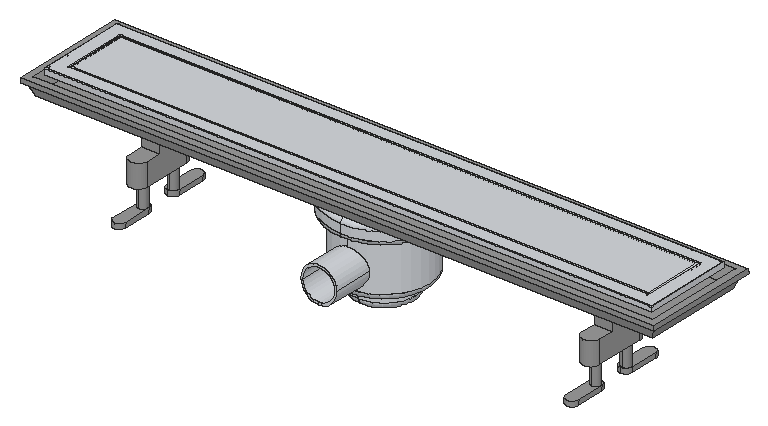
Revit family "S-771", category Aparatos sanitarios, Revit 2015
Parameters (values of type "70x650mm_Classic")
  WFU = 1
  URL = "http://www.jimten.com/es/producto/496/canaleta-linnum-salida-orientable-ancho-70-rejilla-classic"
  TipoRejilla = 10
  Sello hidráulico = "50 mm"  # constant formula
  Salida = "40M/50M"  # constant formula
  Rejilla = INOX AISI304
  Referencia = "13716"
  Modelo = "S-771"  # constant formula
  Medida = "650mm x 70mm"
  Material = ABS
  H_DiámetroExt = 40 mm
  Fabricante = "Jimten"  # constant formula
  Emin = 6 mm  # constant formula
  Emax = 16 mm  # constant formula
  E_Cálculo [instance] = if(E_AlturaRejilla < Emax, if(E_AlturaRejilla > Emin, E_AlturaRejilla, Emin), Emax)  # 8 mm
  E_AlturaRejilla [instance] = 8 mm
  DistPatas = 500 mm
  Descripción = "CANALETA PARA PLATOS DE DUCHA DE OBRA, SIFON ORIENTABLE, SALIDA HORIZONTAL ORIENTABLE, CON REJILLA CLASSIC, CON PIES DE REGULACION DE ALTURA"  # constant formula
  Comentarios de tipo = "CON PRENSATELAS PARA LÁMINAS IMPERMEABILIZANTES GEOTEXTILES O DE PVC. CON PROTECCION DE OBRA.  CON REJILLA REGULABLE EN ALTURA."  # constant formula
  Caudal = 0.8 L/s  # constant formula
  B_Rejilla = 670 mm
  Altura total mínima = "121-131 mm"  # constant formula
  A_Outlet = 700 mm
Types (6, lengths in mm): name | TipoRejilla | Referencia | Medida | DistPatas | B_Rejilla | A_Outlet
  70x650mm_Classic | 10 | "13716" | "650mm x 70mm" | 500 | 670 | 700
  70x750mm_Classic | 11 | "13717" | "750mm x 70mm" | 600 | 770 | 800
  70x850mm_Classic | 13 | "13718" | "850mm x 70mm" | 700 | 870 | 900
  70x950mm_Classic | 14 | "13719" | "950mm x 70mm" | 800 | 970 | 1000
  70x350mm_Classic | 5 | "13713" | "350mm x 70mm" | 300 | 370 | 400
  70x550mm_Classic | 8 | "13715" | "550mm x 70mm" | 400 | 570 | 600
Reference planes
  plane 1 "Center (Front/Back)": y = 0
  plane 2: z = 0
  plane 3 "Center (Left/Right)": x = 0
  plane 4: z = -8
  plane 5: x = -250
  plane 6: x = 250
Dimensions and locks
  "E_Cálculo": plane 2 to plane 4
  equal spacing: plane 5, plane 3 "Center (Left/Right)", plane 6
  "DistPatas": plane 5 to plane 6
  aligned and locked: level to plane 2
  aligned and locked: plane 4 to nested 1
  aligned and locked: nested 4 to nested 1
  aligned and locked: nested 3 to nested 1
  aligned and locked: nested 4 to plane 6
  aligned and locked: nested 3 to plane 5
Nested families
  nested 1: "S-771_Outlet" at (0, 0, -8), type "S-771_Outlet"
    with A 700 mm
  nested 2: "S-771_RejillaClassic" at (0, 0, 0), type "S-771_RejillaClassic"
  nested 3: "S-771_Patas" at (-240, -60.1, -124) x (0, 1, 0) z (0, 0, 1), type "S-771_Patas"
  nested 4: "S-771_Patas" at (260, -60.1, -124) x (0, 1, 0) z (0, 0, 1), type "S-771_Patas"
Connectors
  piping at (0, -90, -79), diameter 40, driven by "H_DiámetroExt", driven by "WFU", driven by "Caudal"
    settings: on nested 1, index 1, connector inside diameter 609.6 mm, connector length 0 mm, flow factor 0, pipe flow 0.8 L/s, pressure drop 0.0 Pa, fitting loss kfactor 0, connector angle 0.00°, fixture units 1, engagement length 0 mm, angle of deflection 0.00°, flow configuration 0, flow direction 2, fitting loss method 0, system type 16, joint type 0, gender type 0, connector reference index -1, connector utility 0, adjustable connector yes, is connector primary yes, connector description ""
Definition of nested family "S-771_Outlet"
  Parameters (values of type "S-771_Outlet")
    MaterialOutlet = none
    I = 25 mm
    H = 40 mm
    Hint = H - 5 mm  # 35 mm
    D = 116 mm
    G = 130 mm
    A = 1000 mm
  Reference planes
    plane 1 "Center (Front/Back)": y = 0
    plane 2: z = 0
    plane 3 "Center (Left/Right)": x = 0
    plane 4: x = -500
    plane 5: x = 500
    plane 6: y = 65
    plane 7: y = -65
    plane 8: z = -116
    plane 9: y = -90
    plane 10: z = -71
  Forms (mm)
    Sweep 1, solid, material <- "MaterialOutlet"
      path origin (0, 0, 0) x (1, 0, 0) y (0, 1, 0)
        loop
          line (-500, -65) -> (500, -65) -> (500, 65) -> (-500, 65) -> (-500, -65)
      profile origin (-500, 0, 0) x (-1, 0, 0) y (0, 0, 1)
        loop
          line (0, 0) -> (-7.504, 0) -> (-12.925, -14) -> (-17.925, -14) -> (-17.925, -19) -> (-9.5, -19) -> (-4.059, -4.951) -> (0, -4.951) -> (0, 0)
    Extrusion 2, solid, material <- "MaterialOutlet"
      sketch origin (0, 0, 0) x (1, 0, 0) y (0, 1, 0)
        loop
          line (-482.075, 47.075) -> (-482.075, -47.075) -> (482.075, -47.075) -> (482.075, 47.075) -> (-482.075, 47.075)
        loop
          circle (0, 0) r 25
      from -19 to -14
    Revolve 3, solid
      sketch origin (0, 0, 0) x (0, 1, 0) y (0, 0, 1)
        loop
          line (-45, -19) -> (-55, -19)
          arc (-55, -19) -> (-58.536, -20.464) -> (-60, -24) r 5
          line (-60, -24) -> (-60, -34)
          arc (-60, -34) -> (-58.536, -37.536) -> (-55, -39) r 5
          line (-55, -39) -> (-50, -39) -> (-50, -91.982)
          arc (-50, -91.982) -> (-47.944, -96.944) -> (-42.982, -99) r 7.018
          line (-42.982, -99) -> (-35, -99) -> (-35, -109)
          arc (-35, -109) -> (-32.95, -113.95) -> (-28, -116) r 7
          line (-28, -116) -> (0, -116) -> (0, -113) -> (-27, -113)
          arc (-27, -113) -> (-30.536, -111.536) -> (-32, -108) r 5
          line (-32, -108) -> (-32, -96) -> (-42.982, -96)
          arc (-42.982, -96) -> (-45.823, -94.823) -> (-47, -91.982) r 4.018
          line (-47, -91.982) -> (-47, -36) -> (-55, -36)
          arc (-55, -36) -> (-56.414, -35.414) -> (-57, -34) r 2
          line (-57, -34) -> (-57, -24)
          arc (-57, -24) -> (-56.414, -22.586) -> (-55, -22) r 2
          line (-55, -22) -> (-45, -22) -> (-45, -19)
        axis (0, -19) -> (0, -116)
      angle from 0 to 360
    Extrusion 4, solid
      sketch origin (-108.967, -65, 1200) x (-1, 0, 0) y (0, 0, 1)
        loop
          circle (-108.967, -1271) r 20
        loop
          circle (-108.967, -1271) r 17.5
      from -25 to 25.055
    Extrusion 5, void
      sketch origin (-108.967, -65, 1200) x (1, 0, 0) y (0, 0, 1)
        loop
          circle (108.967, -1271) r 17.5
      from -25.055 to -6.373
  Cuts and joins
    joined: Sweep 1, Extrusion 2
    Extrusion 5 cuts Revolve 3
    Extrusion 5 cuts Extrusion 4
    joined: Revolve 3, Extrusion 4
  Dimensions and locks
    equal spacing: plane 6, plane 1 "Center (Front/Back)", plane 7
    "G": plane 6 to plane 7
    equal spacing: plane 4, plane 3 "Center (Left/Right)", plane 5
    "A": plane 4 to plane 5
    "D": plane 2 to plane 8
    "I": plane 7 to plane 9
    plane 10 to plane 8 = 45 mm
    diameter of Extrusion 2 sketch curve = 50 mm
    "Hint": diameter of Extrusion 4 sketch curve
    "H": diameter of Extrusion 4 sketch curve
    aligned and locked: level to plane 2
    aligned and locked: plane 4 to Sweep 1 sketch curve
    aligned and locked: Sweep 1 sketch curve to plane 6
    aligned and locked: Sweep 1 sketch curve to plane 7
    aligned and locked: plane 5 to Sweep 1 sketch curve
    aligned and locked: Sweep 1 to Extrusion 2 sketch curve  (x3)
    aligned and locked: Extrusion 2 sketch curve to Sweep 1
    aligned and locked: Sweep 1 to Extrusion 2
    aligned and locked: Extrusion 4 to plane 9
    aligned and locked: Extrusion 5 sketch curve to Extrusion 4
  Automatic sketch dimensions
    Sweep 1 sketch curve to level = 0 mm
    Sweep 1 sketch curve to profile plane = 0 mm
    profile plane to Sweep 1 sketch curve = 4.059 mm
    profile plane to Sweep 1 sketch curve = 9.5 mm
    Sweep 1 sketch curve to Sweep 1 sketch curve = 3.425 mm
    Sweep 1 sketch curve to Sweep 1 sketch curve = 5 mm  (x2)
    Sweep 1 sketch curve to Sweep 1 sketch curve = 4.951 mm
    Sweep 1 sketch curve to Sweep 1 sketch curve = 3.444 mm
    plane 7 to Sweep 1 sketch curve = 0 mm
    Extrusion 2 sketch curve to plane 3 "Center (Left/Right)" = 0 mm
    plane 1 "Center (Front/Back)" to Extrusion 2 sketch curve = 0 mm
    Sweep 1 sketch curve to level = 14 mm
    Revolve 3 sketch curve to Revolve 3 sketch curve = 0 mm  (x8)
    Revolve 3 sketch curve to plane 8 = 0 mm
    Revolve 3 sketch curve to plane 1 "Center (Front/Back)" = 0 mm  (x2)
    plane 8 to Revolve 3 sketch curve = 8 mm
    plane 1 "Center (Front/Back)" to Revolve 3 sketch curve = 27 mm
    Revolve 3 sketch curve to Revolve 3 sketch curve = 1 mm
    Revolve 3 sketch curve to Revolve 3 sketch curve = 4 mm
    Revolve 3 sketch curve to Revolve 3 sketch curve = 3 mm  (x4)
    Revolve 3 sketch curve to Revolve 3 sketch curve = 7.982 mm
    plane 7 to Revolve 3 sketch curve = 20 mm
    Revolve 3 sketch curve to Revolve 3 sketch curve = 4.018 mm
    Revolve 3 sketch curve to Revolve 3 sketch curve = 8 mm
    Revolve 3 sketch curve to Revolve 3 sketch curve = 2 mm
    Revolve 3 sketch curve to Revolve 3 sketch curve = 10 mm  (x2)
    Revolve 3 sketch curve to Revolve 3 sketch curve = 9 mm
    Revolve 3 sketch curve to level = 29 mm
    Revolve 3 sketch curve to level = 39 mm
    Extrusion 4 sketch curve to Extrusion 4 sketch curve = 0 mm  (x2)
    Extrusion 4 sketch curve to plane 3 "Center (Left/Right)" = 0 mm
    Extrusion 4 sketch curve to plane 10 = 0 mm
Definition of nested family "S-771_RejillaClassic"
  Parameters (values of type "S-771_RejillaClassic")
    N_MatrizHuecos = 10
    Model = ""
    MaterialRejilla = none
    F_C = (F - C) / 2  # 14.5 mm
    F = 100 mm
    C = 71 mm
    B = 670 mm
  Reference planes
    plane 1 "Center (Front/Back)": y = 0
    plane 2: z = 0
    plane 3 "Center (Left/Right)": x = 0
    plane 4: y = -50
    plane 5: x = -335
    plane 6: x = 335
    plane 7: y = 50
    plane 8: y = 35.5
    plane 9: y = -35.5
    plane 10: x = -320.5
    plane 11: x = 320.5
    plane 12: z = -6
    plane 13 "LineModelRejillas": z = 0.2
    plane 14: x = -296.5
    plane 15: x = 296.5
  Forms (mm)
    Sweep 1, solid
      path origin (0, 0, 0) x (1, 0, 0) y (0, 1, 0)
        loop
          line (-320.5, -35.5) -> (320.5, -35.5) -> (320.5, 35.5) -> (-320.5, 35.5) -> (-320.5, -35.5)
      profile origin (-320.5, 0, 0) x (-1, 0, 0) y (0, 0, 1)
        loop
          line (-1, -5.025) -> (-1, -1)
          arc (-1, -1) -> (-1.293, -0.293) -> (-2, 0) r 1
          line (-2, 0) -> (-6.487, 0) -> (-6.487, -1) -> (-2, -1) -> (-2, -6) -> (1, -6) -> (1, -1) -> (13.535, -1) -> (13.535, -6) -> (14.5, -6) -> (14.5, -0.5)
          arc (14.5, -0.5) -> (14.354, -0.146) -> (14, 0) r 0.5
          line (14, 0) -> (0.5, 0)
          arc (0.5, 0) -> (0.146, -0.146) -> (0, -0.5) r 0.5
          line (0, -0.5) -> (0, -5.025) -> (-1, -5.025)
    Extrusion 2, solid
      sketch origin (0, 0, 0) x (1, 0, 0) y (0, 1, 0)
        loop
          line (-314.013, 29.013) -> (-314.013, -29.013) -> (314.013, -29.013) -> (314.013, 29.013) -> (-314.013, 29.013)
      from -1 to 0
  Cuts and joins
    joined: Sweep 1, Extrusion 2
  Lines and regions (mm)
    model lines, detail levels medium+fine
      curve 1: line (-288.5, 20, 0.2) -> (-288.5, 12, 0.2)
      curve 2: line (-288.5, 12, 0.2) -> (-296.5, 12, 0.2)
      curve 3: line (-296.5, 12, 0.2) -> (-296.5, 20, 0.2)
      curve 4: line (-296.5, 20, 0.2) -> (-288.5, 20, 0.2)
      curve 5: line (-272.5, 20, 0.2) -> (-272.5, 12, 0.2)
      curve 6: line (-272.5, 12, 0.2) -> (-280.5, 12, 0.2)
      curve 7: line (-280.5, 12, 0.2) -> (-280.5, 20, 0.2)
      curve 8: line (-280.5, 20, 0.2) -> (-272.5, 20, 0.2)
      curve 9: line (-256.5, 20, 0.2) -> (-256.5, 12, 0.2)
      curve 10: line (-256.5, 12, 0.2) -> (-264.5, 12, 0.2)
      curve 11: line (-264.5, 12, 0.2) -> (-264.5, 20, 0.2)
      curve 12: line (-264.5, 20, 0.2) -> (-256.5, 20, 0.2)
      curve 13: line (-288.5, -4, 0.2) -> (-288.5, 4, 0.2)
      curve 14: line (-288.5, 4, 0.2) -> (-296.5, 4, 0.2)
      curve 15: line (-296.5, 4, 0.2) -> (-296.5, -4, 0.2)
      curve 16: line (-296.5, -4, 0.2) -> (-288.5, -4, 0.2)
      curve 17: line (-272.5, -4, 0.2) -> (-272.5, 4, 0.2)
      curve 18: line (-272.5, 4, 0.2) -> (-280.5, 4, 0.2)
      curve 19: line (-280.5, 4, 0.2) -> (-280.5, -4, 0.2)
      curve 20: line (-280.5, -4, 0.2) -> (-272.5, -4, 0.2)
      curve 21: line (-256.5, -4, 0.2) -> (-256.5, 4, 0.2)
      curve 22: line (-256.5, 4, 0.2) -> (-264.5, 4, 0.2)
      curve 23: line (-264.5, 4, 0.2) -> (-264.5, -4, 0.2)
      curve 24: line (-264.5, -4, 0.2) -> (-256.5, -4, 0.2)
      curve 25: line (264.5, 20, 0.2) -> (264.5, 12, 0.2)
      curve 26: line (264.5, 12, 0.2) -> (256.5, 12, 0.2)
      curve 27: line (256.5, 12, 0.2) -> (256.5, 20, 0.2)
      curve 28: line (256.5, 20, 0.2) -> (264.5, 20, 0.2)
      curve 29: line (280.5, 20, 0.2) -> (280.5, 12, 0.2)
      curve 30: line (280.5, 12, 0.2) -> (272.5, 12, 0.2)
      curve 31: line (272.5, 12, 0.2) -> (272.5, 20, 0.2)
      curve 32: line (272.5, 20, 0.2) -> (280.5, 20, 0.2)
      curve 33: line (296.5, 20, 0.2) -> (296.5, 12, 0.2)
      curve 34: line (296.5, 12, 0.2) -> (288.5, 12, 0.2)
      curve 35: line (288.5, 12, 0.2) -> (288.5, 20, 0.2)
      curve 36: line (288.5, 20, 0.2) -> (296.5, 20, 0.2)
      curve 37: line (264.5, -4, 0.2) -> (264.5, 4, 0.2)
      curve 38: line (264.5, 4, 0.2) -> (256.5, 4, 0.2)
      curve 39: line (256.5, 4, 0.2) -> (256.5, -4, 0.2)
      curve 40: line (256.5, -4, 0.2) -> (264.5, -4, 0.2)
      curve 41: line (280.5, -4, 0.2) -> (280.5, 4, 0.2)
      curve 42: line (280.5, 4, 0.2) -> (272.5, 4, 0.2)
      curve 43: line (272.5, 4, 0.2) -> (272.5, -4, 0.2)
      curve 44: line (272.5, -4, 0.2) -> (280.5, -4, 0.2)
      curve 45: line (296.5, -4, 0.2) -> (296.5, 4, 0.2)
      curve 46: line (296.5, 4, 0.2) -> (288.5, 4, 0.2)
      curve 47: line (288.5, 4, 0.2) -> (288.5, -4, 0.2)
      curve 48: line (288.5, -4, 0.2) -> (296.5, -4, 0.2)
      curve 49: line (-227.056, 20, 0.2) -> (-227.056, 12, 0.2)
      curve 50: line (-227.056, 12, 0.2) -> (-235.056, 12, 0.2)
      curve 51: line (-235.056, 12, 0.2) -> (-235.056, 20, 0.2)
      curve 52: line (-235.056, 20, 0.2) -> (-227.056, 20, 0.2)
      curve 53: line (-211.056, 20, 0.2) -> (-211.056, 12, 0.2)
      curve 54: line (-211.056, 12, 0.2) -> (-219.056, 12, 0.2)
      curve 55: line (-219.056, 12, 0.2) -> (-219.056, 20, 0.2)
      curve 56: line (-219.056, 20, 0.2) -> (-211.056, 20, 0.2)
      curve 57: line (-195.056, 20, 0.2) -> (-195.056, 12, 0.2)
      curve 58: line (-195.056, 12, 0.2) -> (-203.056, 12, 0.2)
      curve 59: line (-203.056, 12, 0.2) -> (-203.056, 20, 0.2)
      curve 60: line (-203.056, 20, 0.2) -> (-195.056, 20, 0.2)
      curve 61: line (-227.056, -4, 0.2) -> (-227.056, 4, 0.2)
      curve 62: line (-227.056, 4, 0.2) -> (-235.056, 4, 0.2)
      curve 63: line (-235.056, 4, 0.2) -> (-235.056, -4, 0.2)
      curve 64: line (-235.056, -4, 0.2) -> (-227.056, -4, 0.2)
      curve 65: line (-211.056, -4, 0.2) -> (-211.056, 4, 0.2)
      curve 66: line (-211.056, 4, 0.2) -> (-219.056, 4, 0.2)
      curve 67: line (-219.056, 4, 0.2) -> (-219.056, -4, 0.2)
      curve 68: line (-219.056, -4, 0.2) -> (-211.056, -4, 0.2)
      curve 69: line (-195.056, -4, 0.2) -> (-195.056, 4, 0.2)
      curve 70: line (-195.056, 4, 0.2) -> (-203.056, 4, 0.2)
      curve 71: line (-203.056, 4, 0.2) -> (-203.056, -4, 0.2)
      curve 72: line (-203.056, -4, 0.2) -> (-195.056, -4, 0.2)
      curve 73: line (-165.611, 20, 0.2) -> (-165.611, 12, 0.2)
      curve 74: line (-165.611, 12, 0.2) -> (-173.611, 12, 0.2)
      curve 75: line (-173.611, 12, 0.2) -> (-173.611, 20, 0.2)
      curve 76: line (-173.611, 20, 0.2) -> (-165.611, 20, 0.2)
      curve 77: line (-149.611, 20, 0.2) -> (-149.611, 12, 0.2)
      curve 78: line (-149.611, 12, 0.2) -> (-157.611, 12, 0.2)
      curve 79: line (-157.611, 12, 0.2) -> (-157.611, 20, 0.2)
      curve 80: line (-157.611, 20, 0.2) -> (-149.611, 20, 0.2)
      curve 81: line (-133.611, 20, 0.2) -> (-133.611, 12, 0.2)
      curve 82: line (-133.611, 12, 0.2) -> (-141.611, 12, 0.2)
      curve 83: line (-141.611, 12, 0.2) -> (-141.611, 20, 0.2)
      curve 84: line (-141.611, 20, 0.2) -> (-133.611, 20, 0.2)
      curve 85: line (-165.611, -4, 0.2) -> (-165.611, 4, 0.2)
      curve 86: line (-165.611, 4, 0.2) -> (-173.611, 4, 0.2)
      curve 87: line (-173.611, 4, 0.2) -> (-173.611, -4, 0.2)
      curve 88: line (-173.611, -4, 0.2) -> (-165.611, -4, 0.2)
      curve 89: line (-149.611, -4, 0.2) -> (-149.611, 4, 0.2)
      curve 90: line (-149.611, 4, 0.2) -> (-157.611, 4, 0.2)
      curve 91: line (-157.611, 4, 0.2) -> (-157.611, -4, 0.2)
      curve 92: line (-157.611, -4, 0.2) -> (-149.611, -4, 0.2)
      curve 93: line (-133.611, -4, 0.2) -> (-133.611, 4, 0.2)
      curve 94: line (-133.611, 4, 0.2) -> (-141.611, 4, 0.2)
      curve 95: line (-141.611, 4, 0.2) -> (-141.611, -4, 0.2)
      curve 96: line (-141.611, -4, 0.2) -> (-133.611, -4, 0.2)
      curve 97: line (-104.167, 20, 0.2) -> (-104.167, 12, 0.2)
      curve 98: line (-104.167, 12, 0.2) -> (-112.167, 12, 0.2)
      curve 99: line (-112.167, 12, 0.2) -> (-112.167, 20, 0.2)
      curve 100: line (-112.167, 20, 0.2) -> (-104.167, 20, 0.2)
      curve 101: line (-88.167, 20, 0.2) -> (-88.167, 12, 0.2)
      curve 102: line (-88.167, 12, 0.2) -> (-96.167, 12, 0.2)
      curve 103: line (-96.167, 12, 0.2) -> (-96.167, 20, 0.2)
      curve 104: line (-96.167, 20, 0.2) -> (-88.167, 20, 0.2)
      curve 105: line (-72.167, 20, 0.2) -> (-72.167, 12, 0.2)
      curve 106: line (-72.167, 12, 0.2) -> (-80.167, 12, 0.2)
      curve 107: line (-80.167, 12, 0.2) -> (-80.167, 20, 0.2)
      curve 108: line (-80.167, 20, 0.2) -> (-72.167, 20, 0.2)
      curve 109: line (-104.167, -4, 0.2) -> (-104.167, 4, 0.2)
      curve 110: line (-104.167, 4, 0.2) -> (-112.167, 4, 0.2)
      curve 111: line (-112.167, 4, 0.2) -> (-112.167, -4, 0.2)
      curve 112: line (-112.167, -4, 0.2) -> (-104.167, -4, 0.2)
      curve 113: line (-88.167, -4, 0.2) -> (-88.167, 4, 0.2)
      curve 114: line (-88.167, 4, 0.2) -> (-96.167, 4, 0.2)
      curve 115: line (-96.167, 4, 0.2) -> (-96.167, -4, 0.2)
      curve 116: line (-96.167, -4, 0.2) -> (-88.167, -4, 0.2)
      curve 117: line (-72.167, -4, 0.2) -> (-72.167, 4, 0.2)
      curve 118: line (-72.167, 4, 0.2) -> (-80.167, 4, 0.2)
      curve 119: line (-80.167, 4, 0.2) -> (-80.167, -4, 0.2)
      curve 120: line (-80.167, -4, 0.2) -> (-72.167, -4, 0.2)
      curve 121: line (-42.722, 20, 0.2) -> (-42.722, 12, 0.2)
      curve 122: line (-42.722, 12, 0.2) -> (-50.722, 12, 0.2)
      curve 123: line (-50.722, 12, 0.2) -> (-50.722, 20, 0.2)
      curve 124: line (-50.722, 20, 0.2) -> (-42.722, 20, 0.2)
      curve 125: line (-26.722, 20, 0.2) -> (-26.722, 12, 0.2)
      curve 126: line (-26.722, 12, 0.2) -> (-34.722, 12, 0.2)
      curve 127: line (-34.722, 12, 0.2) -> (-34.722, 20, 0.2)
      curve 128: line (-34.722, 20, 0.2) -> (-26.722, 20, 0.2)
      curve 129: line (-10.722, 20, 0.2) -> (-10.722, 12, 0.2)
      curve 130: line (-10.722, 12, 0.2) -> (-18.722, 12, 0.2)
      curve 131: line (-18.722, 12, 0.2) -> (-18.722, 20, 0.2)
      curve 132: line (-18.722, 20, 0.2) -> (-10.722, 20, 0.2)
      curve 133: line (-42.722, -4, 0.2) -> (-42.722, 4, 0.2)
      curve 134: line (-42.722, 4, 0.2) -> (-50.722, 4, 0.2)
      curve 135: line (-50.722, 4, 0.2) -> (-50.722, -4, 0.2)
      curve 136: line (-50.722, -4, 0.2) -> (-42.722, -4, 0.2)
      curve 137: line (-26.722, -4, 0.2) -> (-26.722, 4, 0.2)
      curve 138: line (-26.722, 4, 0.2) -> (-34.722, 4, 0.2)
      curve 139: line (-34.722, 4, 0.2) -> (-34.722, -4, 0.2)
      curve 140: line (-34.722, -4, 0.2) -> (-26.722, -4, 0.2)
      curve 141: line (-10.722, -4, 0.2) -> (-10.722, 4, 0.2)
      curve 142: line (-10.722, 4, 0.2) -> (-18.722, 4, 0.2)
      curve 143: line (-18.722, 4, 0.2) -> (-18.722, -4, 0.2)
      curve 144: line (-18.722, -4, 0.2) -> (-10.722, -4, 0.2)
      curve 145: line (18.722, 20, 0.2) -> (18.722, 12, 0.2)
      curve 146: line (18.722, 12, 0.2) -> (10.722, 12, 0.2)
      curve 147: line (10.722, 12, 0.2) -> (10.722, 20, 0.2)
      curve 148: line (10.722, 20, 0.2) -> (18.722, 20, 0.2)
      curve 149: line (34.722, 20, 0.2) -> (34.722, 12, 0.2)
      curve 150: line (34.722, 12, 0.2) -> (26.722, 12, 0.2)
      curve 151: line (26.722, 12, 0.2) -> (26.722, 20, 0.2)
      curve 152: line (26.722, 20, 0.2) -> (34.722, 20, 0.2)
      curve 153: line (50.722, 20, 0.2) -> (50.722, 12, 0.2)
      curve 154: line (50.722, 12, 0.2) -> (42.722, 12, 0.2)
      curve 155: line (42.722, 12, 0.2) -> (42.722, 20, 0.2)
      curve 156: line (42.722, 20, 0.2) -> (50.722, 20, 0.2)
      curve 157: line (18.722, -4, 0.2) -> (18.722, 4, 0.2)
      curve 158: line (18.722, 4, 0.2) -> (10.722, 4, 0.2)
      curve 159: line (10.722, 4, 0.2) -> (10.722, -4, 0.2)
      curve 160: line (10.722, -4, 0.2) -> (18.722, -4, 0.2)
      curve 161: line (34.722, -4, 0.2) -> (34.722, 4, 0.2)
      curve 162: line (34.722, 4, 0.2) -> (26.722, 4, 0.2)
      curve 163: line (26.722, 4, 0.2) -> (26.722, -4, 0.2)
      curve 164: line (26.722, -4, 0.2) -> (34.722, -4, 0.2)
      curve 165: line (50.722, -4, 0.2) -> (50.722, 4, 0.2)
      curve 166: line (50.722, 4, 0.2) -> (42.722, 4, 0.2)
      curve 167: line (42.722, 4, 0.2) -> (42.722, -4, 0.2)
      curve 168: line (42.722, -4, 0.2) -> (50.722, -4, 0.2)
      curve 169: line (80.167, 20, 0.2) -> (80.167, 12, 0.2)
      curve 170: line (80.167, 12, 0.2) -> (72.167, 12, 0.2)
      curve 171: line (72.167, 12, 0.2) -> (72.167, 20, 0.2)
      curve 172: line (72.167, 20, 0.2) -> (80.167, 20, 0.2)
      curve 173: line (96.167, 20, 0.2) -> (96.167, 12, 0.2)
      curve 174: line (96.167, 12, 0.2) -> (88.167, 12, 0.2)
      curve 175: line (88.167, 12, 0.2) -> (88.167, 20, 0.2)
      curve 176: line (88.167, 20, 0.2) -> (96.167, 20, 0.2)
      curve 177: line (112.167, 20, 0.2) -> (112.167, 12, 0.2)
      curve 178: line (112.167, 12, 0.2) -> (104.167, 12, 0.2)
      curve 179: line (104.167, 12, 0.2) -> (104.167, 20, 0.2)
      curve 180: line (104.167, 20, 0.2) -> (112.167, 20, 0.2)
      curve 181: line (80.167, -4, 0.2) -> (80.167, 4, 0.2)
      curve 182: line (80.167, 4, 0.2) -> (72.167, 4, 0.2)
      curve 183: line (72.167, 4, 0.2) -> (72.167, -4, 0.2)
      curve 184: line (72.167, -4, 0.2) -> (80.167, -4, 0.2)
      curve 185: line (96.167, -4, 0.2) -> (96.167, 4, 0.2)
      curve 186: line (96.167, 4, 0.2) -> (88.167, 4, 0.2)
      curve 187: line (88.167, 4, 0.2) -> (88.167, -4, 0.2)
      curve 188: line (88.167, -4, 0.2) -> (96.167, -4, 0.2)
      curve 189: line (112.167, -4, 0.2) -> (112.167, 4, 0.2)
      curve 190: line (112.167, 4, 0.2) -> (104.167, 4, 0.2)
      curve 191: line (104.167, 4, 0.2) -> (104.167, -4, 0.2)
      curve 192: line (104.167, -4, 0.2) -> (112.167, -4, 0.2)
      curve 193: line (141.611, 20, 0.2) -> (141.611, 12, 0.2)
      curve 194: line (141.611, 12, 0.2) -> (133.611, 12, 0.2)
      curve 195: line (133.611, 12, 0.2) -> (133.611, 20, 0.2)
      curve 196: line (133.611, 20, 0.2) -> (141.611, 20, 0.2)
      curve 197: line (157.611, 20, 0.2) -> (157.611, 12, 0.2)
      curve 198: line (157.611, 12, 0.2) -> (149.611, 12, 0.2)
      curve 199: line (149.611, 12, 0.2) -> (149.611, 20, 0.2)
      curve 200: line (149.611, 20, 0.2) -> (157.611, 20, 0.2)
      curve 201: line (173.611, 20, 0.2) -> (173.611, 12, 0.2)
      curve 202: line (173.611, 12, 0.2) -> (165.611, 12, 0.2)
      curve 203: line (165.611, 12, 0.2) -> (165.611, 20, 0.2)
      curve 204: line (165.611, 20, 0.2) -> (173.611, 20, 0.2)
      curve 205: line (141.611, -4, 0.2) -> (141.611, 4, 0.2)
      curve 206: line (141.611, 4, 0.2) -> (133.611, 4, 0.2)
      curve 207: line (133.611, 4, 0.2) -> (133.611, -4, 0.2)
      curve 208: line (133.611, -4, 0.2) -> (141.611, -4, 0.2)
      curve 209: line (157.611, -4, 0.2) -> (157.611, 4, 0.2)
      curve 210: line (157.611, 4, 0.2) -> (149.611, 4, 0.2)
      curve 211: line (149.611, 4, 0.2) -> (149.611, -4, 0.2)
      curve 212: line (149.611, -4, 0.2) -> (157.611, -4, 0.2)
      curve 213: line (173.611, -4, 0.2) -> (173.611, 4, 0.2)
      curve 214: line (173.611, 4, 0.2) -> (165.611, 4, 0.2)
      curve 215: line (165.611, 4, 0.2) -> (165.611, -4, 0.2)
      curve 216: line (165.611, -4, 0.2) -> (173.611, -4, 0.2)
      curve 217: line (203.056, 20, 0.2) -> (203.056, 12, 0.2)
      curve 218: line (203.056, 12, 0.2) -> (195.056, 12, 0.2)
      curve 219: line (195.056, 12, 0.2) -> (195.056, 20, 0.2)
      curve 220: line (195.056, 20, 0.2) -> (203.056, 20, 0.2)
      curve 221: line (219.056, 20, 0.2) -> (219.056, 12, 0.2)
      curve 222: line (219.056, 12, 0.2) -> (211.056, 12, 0.2)
      curve 223: line (211.056, 12, 0.2) -> (211.056, 20, 0.2)
      curve 224: line (211.056, 20, 0.2) -> (219.056, 20, 0.2)
      curve 225: line (235.056, 20, 0.2) -> (235.056, 12, 0.2)
      curve 226: line (235.056, 12, 0.2) -> (227.056, 12, 0.2)
      curve 227: line (227.056, 12, 0.2) -> (227.056, 20, 0.2)
      curve 228: line (227.056, 20, 0.2) -> (235.056, 20, 0.2)
      curve 229: line (203.056, -4, 0.2) -> (203.056, 4, 0.2)
      curve 230: line (203.056, 4, 0.2) -> (195.056, 4, 0.2)
      curve 231: line (195.056, 4, 0.2) -> (195.056, -4, 0.2)
      curve 232: line (195.056, -4, 0.2) -> (203.056, -4, 0.2)
      curve 233: line (219.056, -4, 0.2) -> (219.056, 4, 0.2)
      curve 234: line (219.056, 4, 0.2) -> (211.056, 4, 0.2)
      curve 235: line (211.056, 4, 0.2) -> (211.056, -4, 0.2)
      curve 236: line (211.056, -4, 0.2) -> (219.056, -4, 0.2)
      curve 237: line (235.056, -4, 0.2) -> (235.056, 4, 0.2)
      curve 238: line (235.056, 4, 0.2) -> (227.056, 4, 0.2)
      curve 239: line (227.056, 4, 0.2) -> (227.056, -4, 0.2)
      curve 240: line (227.056, -4, 0.2) -> (235.056, -4, 0.2)
      curve 241: line (-288.5, -20, 0.2) -> (-288.5, -12, 0.2)
      curve 242: line (-288.5, -12, 0.2) -> (-296.5, -12, 0.2)
      curve 243: line (-296.5, -12, 0.2) -> (-296.5, -20, 0.2)
      curve 244: line (-296.5, -20, 0.2) -> (-288.5, -20, 0.2)
      curve 245: line (-272.5, -20, 0.2) -> (-272.5, -12, 0.2)
      curve 246: line (-272.5, -12, 0.2) -> (-280.5, -12, 0.2)
      curve 247: line (-280.5, -12, 0.2) -> (-280.5, -20, 0.2)
      curve 248: line (-280.5, -20, 0.2) -> (-272.5, -20, 0.2)
      curve 249: line (-256.5, -20, 0.2) -> (-256.5, -12, 0.2)
      curve 250: line (-256.5, -12, 0.2) -> (-264.5, -12, 0.2)
      curve 251: line (-264.5, -12, 0.2) -> (-264.5, -20, 0.2)
      curve 252: line (-264.5, -20, 0.2) -> (-256.5, -20, 0.2)
      curve 253: line (264.5, -20, 0.2) -> (264.5, -12, 0.2)
      curve 254: line (264.5, -12, 0.2) -> (256.5, -12, 0.2)
      curve 255: line (256.5, -12, 0.2) -> (256.5, -20, 0.2)
      curve 256: line (256.5, -20, 0.2) -> (264.5, -20, 0.2)
      curve 257: line (280.5, -20, 0.2) -> (280.5, -12, 0.2)
      curve 258: line (280.5, -12, 0.2) -> (272.5, -12, 0.2)
      curve 259: line (272.5, -12, 0.2) -> (272.5, -20, 0.2)
      curve 260: line (272.5, -20, 0.2) -> (280.5, -20, 0.2)
      curve 261: line (296.5, -20, 0.2) -> (296.5, -12, 0.2)
      curve 262: line (296.5, -12, 0.2) -> (288.5, -12, 0.2)
      curve 263: line (288.5, -12, 0.2) -> (288.5, -20, 0.2)
      curve 264: line (288.5, -20, 0.2) -> (296.5, -20, 0.2)
      curve 265: line (-227.056, -20, 0.2) -> (-227.056, -12, 0.2)
      curve 266: line (-227.056, -12, 0.2) -> (-235.056, -12, 0.2)
      curve 267: line (-235.056, -12, 0.2) -> (-235.056, -20, 0.2)
      curve 268: line (-235.056, -20, 0.2) -> (-227.056, -20, 0.2)
      curve 269: line (-211.056, -20, 0.2) -> (-211.056, -12, 0.2)
      curve 270: line (-211.056, -12, 0.2) -> (-219.056, -12, 0.2)
      curve 271: line (-219.056, -12, 0.2) -> (-219.056, -20, 0.2)
      curve 272: line (-219.056, -20, 0.2) -> (-211.056, -20, 0.2)
      curve 273: line (-195.056, -20, 0.2) -> (-195.056, -12, 0.2)
      curve 274: line (-195.056, -12, 0.2) -> (-203.056, -12, 0.2)
      curve 275: line (-203.056, -12, 0.2) -> (-203.056, -20, 0.2)
      curve 276: line (-203.056, -20, 0.2) -> (-195.056, -20, 0.2)
      curve 277: line (-165.611, -20, 0.2) -> (-165.611, -12, 0.2)
      curve 278: line (-165.611, -12, 0.2) -> (-173.611, -12, 0.2)
      curve 279: line (-173.611, -12, 0.2) -> (-173.611, -20, 0.2)
      curve 280: line (-173.611, -20, 0.2) -> (-165.611, -20, 0.2)
      curve 281: line (-149.611, -20, 0.2) -> (-149.611, -12, 0.2)
      curve 282: line (-149.611, -12, 0.2) -> (-157.611, -12, 0.2)
      curve 283: line (-157.611, -12, 0.2) -> (-157.611, -20, 0.2)
      curve 284: line (-157.611, -20, 0.2) -> (-149.611, -20, 0.2)
      curve 285: line (-133.611, -20, 0.2) -> (-133.611, -12, 0.2)
      curve 286: line (-133.611, -12, 0.2) -> (-141.611, -12, 0.2)
      curve 287: line (-141.611, -12, 0.2) -> (-141.611, -20, 0.2)
      curve 288: line (-141.611, -20, 0.2) -> (-133.611, -20, 0.2)
      curve 289: line (-104.167, -20, 0.2) -> (-104.167, -12, 0.2)
      curve 290: line (-104.167, -12, 0.2) -> (-112.167, -12, 0.2)
      curve 291: line (-112.167, -12, 0.2) -> (-112.167, -20, 0.2)
      curve 292: line (-112.167, -20, 0.2) -> (-104.167, -20, 0.2)
      curve 293: line (-88.167, -20, 0.2) -> (-88.167, -12, 0.2)
      curve 294: line (-88.167, -12, 0.2) -> (-96.167, -12, 0.2)
      curve 295: line (-96.167, -12, 0.2) -> (-96.167, -20, 0.2)
      curve 296: line (-96.167, -20, 0.2) -> (-88.167, -20, 0.2)
      curve 297: line (-72.167, -20, 0.2) -> (-72.167, -12, 0.2)
      curve 298: line (-72.167, -12, 0.2) -> (-80.167, -12, 0.2)
      curve 299: line (-80.167, -12, 0.2) -> (-80.167, -20, 0.2)
      curve 300: line (-80.167, -20, 0.2) -> (-72.167, -20, 0.2)
      curve 301: line (-42.722, -20, 0.2) -> (-42.722, -12, 0.2)
      curve 302: line (-42.722, -12, 0.2) -> (-50.722, -12, 0.2)
      curve 303: line (-50.722, -12, 0.2) -> (-50.722, -20, 0.2)
      curve 304: line (-50.722, -20, 0.2) -> (-42.722, -20, 0.2)
      curve 305: line (-26.722, -20, 0.2) -> (-26.722, -12, 0.2)
      curve 306: line (-26.722, -12, 0.2) -> (-34.722, -12, 0.2)
      curve 307: line (-34.722, -12, 0.2) -> (-34.722, -20, 0.2)
      curve 308: line (-34.722, -20, 0.2) -> (-26.722, -20, 0.2)
      curve 309: line (-10.722, -20, 0.2) -> (-10.722, -12, 0.2)
      curve 310: line (-10.722, -12, 0.2) -> (-18.722, -12, 0.2)
      curve 311: line (-18.722, -12, 0.2) -> (-18.722, -20, 0.2)
      curve 312: line (-18.722, -20, 0.2) -> (-10.722, -20, 0.2)
      curve 313: line (18.722, -20, 0.2) -> (18.722, -12, 0.2)
      curve 314: line (18.722, -12, 0.2) -> (10.722, -12, 0.2)
      curve 315: line (10.722, -12, 0.2) -> (10.722, -20, 0.2)
      curve 316: line (10.722, -20, 0.2) -> (18.722, -20, 0.2)
      curve 317: line (34.722, -20, 0.2) -> (34.722, -12, 0.2)
      curve 318: line (34.722, -12, 0.2) -> (26.722, -12, 0.2)
      curve 319: line (26.722, -12, 0.2) -> (26.722, -20, 0.2)
      curve 320: line (26.722, -20, 0.2) -> (34.722, -20, 0.2)
      curve 321: line (50.722, -20, 0.2) -> (50.722, -12, 0.2)
      curve 322: line (50.722, -12, 0.2) -> (42.722, -12, 0.2)
      curve 323: line (42.722, -12, 0.2) -> (42.722, -20, 0.2)
      curve 324: line (42.722, -20, 0.2) -> (50.722, -20, 0.2)
      curve 325: line (80.167, -20, 0.2) -> (80.167, -12, 0.2)
      curve 326: line (80.167, -12, 0.2) -> (72.167, -12, 0.2)
      curve 327: line (72.167, -12, 0.2) -> (72.167, -20, 0.2)
      curve 328: line (72.167, -20, 0.2) -> (80.167, -20, 0.2)
      curve 329: line (96.167, -20, 0.2) -> (96.167, -12, 0.2)
      curve 330: line (96.167, -12, 0.2) -> (88.167, -12, 0.2)
      curve 331: line (88.167, -12, 0.2) -> (88.167, -20, 0.2)
      curve 332: line (88.167, -20, 0.2) -> (96.167, -20, 0.2)
      curve 333: line (112.167, -20, 0.2) -> (112.167, -12, 0.2)
      curve 334: line (112.167, -12, 0.2) -> (104.167, -12, 0.2)
      curve 335: line (104.167, -12, 0.2) -> (104.167, -20, 0.2)
      curve 336: line (104.167, -20, 0.2) -> (112.167, -20, 0.2)
      curve 337: line (141.611, -20, 0.2) -> (141.611, -12, 0.2)
      curve 338: line (141.611, -12, 0.2) -> (133.611, -12, 0.2)
      curve 339: line (133.611, -12, 0.2) -> (133.611, -20, 0.2)
      curve 340: line (133.611, -20, 0.2) -> (141.611, -20, 0.2)
      curve 341: line (157.611, -20, 0.2) -> (157.611, -12, 0.2)
      curve 342: line (157.611, -12, 0.2) -> (149.611, -12, 0.2)
      curve 343: line (149.611, -12, 0.2) -> (149.611, -20, 0.2)
      curve 344: line (149.611, -20, 0.2) -> (157.611, -20, 0.2)
      curve 345: line (173.611, -20, 0.2) -> (173.611, -12, 0.2)
      curve 346: line (173.611, -12, 0.2) -> (165.611, -12, 0.2)
      curve 347: line (165.611, -12, 0.2) -> (165.611, -20, 0.2)
      curve 348: line (165.611, -20, 0.2) -> (173.611, -20, 0.2)
      curve 349: line (203.056, -20, 0.2) -> (203.056, -12, 0.2)
      curve 350: line (203.056, -12, 0.2) -> (195.056, -12, 0.2)
      curve 351: line (195.056, -12, 0.2) -> (195.056, -20, 0.2)
      curve 352: line (195.056, -20, 0.2) -> (203.056, -20, 0.2)
      curve 353: line (219.056, -20, 0.2) -> (219.056, -12, 0.2)
      curve 354: line (219.056, -12, 0.2) -> (211.056, -12, 0.2)
      curve 355: line (211.056, -12, 0.2) -> (211.056, -20, 0.2)
      curve 356: line (211.056, -20, 0.2) -> (219.056, -20, 0.2)
      curve 357: line (235.056, -20, 0.2) -> (235.056, -12, 0.2)
      curve 358: line (235.056, -12, 0.2) -> (227.056, -12, 0.2)
      curve 359: line (227.056, -12, 0.2) -> (227.056, -20, 0.2)
      curve 360: line (227.056, -20, 0.2) -> (235.056, -20, 0.2)
    model lines
      curve 361: line (-335, 50, 0.2) -> (335, 50, 0.2)
      curve 362: line (-335, -50, 0.2) -> (-335, 50, 0.2)
      curve 363: line (335, -50, 0.2) -> (-335, -50, 0.2)
      curve 364: line (335, 50, 0.2) -> (335, -50, 0.2)
  Dimensions and locks
    equal spacing: plane 7, plane 1 "Center (Front/Back)", plane 4
    "F": plane 7 to plane 4
    equal spacing: plane 8, plane 1 "Center (Front/Back)", plane 9
    "C": plane 8 to plane 9
    equal spacing: plane 5, plane 3 "Center (Left/Right)", plane 6
    "B": plane 5 to plane 6
    plane 10 to plane 5 = 14.5 mm
    "F_C": plane 5 to plane 10
    "F_C": plane 11 to plane 6
    plane 10 to plane 14 = 24 mm
    plane 15 to plane 11 = 24 mm
    equal spacing: group 1, group 3, group 4, group 5, group 6, group 7, group 8, group 9, group 10, group 2  (x3)
    plane 2 to plane 12 = 6 mm
    aligned and locked: level to plane 2
    aligned and locked: plane 10 to Sweep 1 sketch curve
    aligned and locked: Sweep 1 sketch curve to plane 8
    aligned and locked: plane 9 to Sweep 1 sketch curve
    aligned and locked: Sweep 1 sketch curve to plane 11
    aligned and locked: Sweep 1 to Extrusion 2 sketch curve  (x3)
    aligned and locked: Extrusion 2 sketch curve to Sweep 1
    aligned and locked: plane 14 to curve 3
    aligned and locked: curve 33 to plane 15
    aligned and locked: Sweep 1 sketch curve to plane 12
    aligned and locked: Sweep 1 sketch curve to plane 5
    aligned and locked: plane 5 to curve 362
    aligned and locked: plane 4 to curve 363
    aligned and locked: curve 361 to plane 7
    aligned and locked: plane 6 to curve 364
  Automatic sketch dimensions
    Sweep 1 sketch curve to level = 0 mm  (x2)
    Sweep 1 sketch curve to profile plane = 0 mm
    profile plane to Sweep 1 sketch curve = 1 mm
    Sweep 1 sketch curve to Sweep 1 sketch curve = 1 mm
    Sweep 1 sketch curve to Sweep 1 sketch curve = 0 mm  (x2)
    Sweep 1 sketch curve to level = 1 mm
    Sweep 1 sketch curve to Sweep 1 sketch curve = 4.487 mm
    Sweep 1 sketch curve to level = 0.5 mm  (x2)
    Sweep 1 sketch curve to profile plane = 1 mm
    Sweep 1 sketch curve to Sweep 1 sketch curve = 0.965 mm
    Sweep 1 sketch curve to Sweep 1 sketch curve = 0.975 mm
    Sweep 1 sketch curve to Sweep 1 sketch curve = 0.5 mm
    curve 22 to curve 249 = 0 mm
    curve 12 to curve 21 = 0 mm
    curve 9 to curve 11 = 8 mm
    curve 21 to curve 24 = 8 mm
    curve 249 to curve 251 = 8 mm
    curve 10 to curve 5 = 8 mm
    curve 250 to curve 245 = 8 mm
    curve 17 to curve 245 = 0 mm
    curve 17 to curve 19 = 8 mm
    curve 246 to curve 19 = 0 mm
    curve 6 to curve 18 = 0 mm
    curve 247 to curve 241 = 8 mm
    curve 6 to curve 1 = 8 mm
    curve 13 to curve 241 = 0 mm
    curve 13 to curve 15 = 8 mm
    curve 241 to curve 244 = 8 mm  (x2)
    curve 1 to curve 4 = 8 mm
    curve 1 to curve 12 = 0 mm
    curve 8 to curve 11 = 0 mm
    curve 7 to curve 6 = 8 mm
    curve 3 to curve 3 = 8 mm
    curve 9 to curve 9 = 8 mm
    curve 10 to curve 23 = 8 mm
    curve 1 to curve 13 = 8 mm
    curve 6 to curve 19 = 8 mm
    curve 17 to curve 17 = 8 mm
    curve 21 to curve 21 = 8 mm
    curve 13 to curve 16 = 8 mm
    curve 23 to curve 250 = 8 mm
    curve 13 to curve 241 = 8 mm
    curve 19 to curve 247 = 8 mm
    curve 246 to curve 247 = 8 mm
    curve 249 to curve 249 = 8 mm
    curve 46 to curve 261 = 0 mm
    curve 36 to curve 45 = 0 mm
    curve 33 to curve 35 = 8 mm
    curve 45 to curve 48 = 8 mm
    curve 261 to curve 263 = 8 mm
    curve 34 to curve 29 = 8 mm
    curve 262 to curve 257 = 8 mm
    curve 41 to curve 257 = 0 mm
    curve 41 to curve 43 = 8 mm
    curve 258 to curve 43 = 0 mm
    curve 30 to curve 42 = 0 mm
    curve 259 to curve 253 = 8 mm
    curve 30 to curve 25 = 8 mm
    curve 37 to curve 253 = 0 mm
    curve 37 to curve 39 = 8 mm
    curve 253 to curve 256 = 8 mm  (x2)
    curve 25 to curve 28 = 8 mm
    curve 25 to curve 36 = 0 mm
    curve 32 to curve 35 = 0 mm
    curve 31 to curve 30 = 8 mm
    curve 27 to curve 27 = 8 mm
    curve 33 to curve 33 = 8 mm
    curve 34 to curve 47 = 8 mm
    curve 25 to curve 37 = 8 mm
    curve 30 to curve 43 = 8 mm
    curve 41 to curve 41 = 8 mm
    curve 45 to curve 45 = 8 mm
    curve 37 to curve 40 = 8 mm
    curve 47 to curve 262 = 8 mm
    curve 37 to curve 253 = 8 mm
    curve 43 to curve 259 = 8 mm
    curve 258 to curve 259 = 8 mm
    curve 261 to curve 261 = 8 mm
    curve 70 to curve 273 = 0 mm
    curve 60 to curve 69 = 0 mm
    curve 57 to curve 59 = 8 mm
    curve 69 to curve 72 = 8 mm
    curve 273 to curve 275 = 8 mm
    curve 58 to curve 53 = 8 mm
    curve 274 to curve 269 = 8 mm
    curve 65 to curve 269 = 0 mm
    curve 65 to curve 67 = 8 mm
    curve 270 to curve 67 = 0 mm
    curve 54 to curve 66 = 0 mm
    curve 271 to curve 265 = 8 mm
    curve 54 to curve 49 = 8 mm
    curve 61 to curve 265 = 0 mm
    curve 61 to curve 63 = 8 mm
    curve 265 to curve 268 = 8 mm  (x2)
    curve 49 to curve 52 = 8 mm
    curve 49 to curve 60 = 0 mm
    curve 56 to curve 59 = 0 mm
    curve 55 to curve 54 = 8 mm
    curve 51 to curve 51 = 8 mm
    curve 57 to curve 57 = 8 mm
    curve 58 to curve 71 = 8 mm
    curve 49 to curve 61 = 8 mm
    curve 54 to curve 67 = 8 mm
    curve 65 to curve 65 = 8 mm
    curve 69 to curve 69 = 8 mm
    curve 61 to curve 64 = 8 mm
    curve 71 to curve 274 = 8 mm
    curve 61 to curve 265 = 8 mm
    curve 67 to curve 271 = 8 mm
    curve 270 to curve 271 = 8 mm
    curve 273 to curve 273 = 8 mm
    curve 94 to curve 285 = 0 mm
    curve 84 to curve 93 = 0 mm
    curve 81 to curve 83 = 8 mm
    curve 93 to curve 96 = 8 mm
    curve 285 to curve 287 = 8 mm
    curve 82 to curve 77 = 8 mm
    curve 286 to curve 281 = 8 mm
    curve 89 to curve 281 = 0 mm
    curve 89 to curve 91 = 8 mm
    curve 282 to curve 91 = 0 mm
    curve 78 to curve 90 = 0 mm
    curve 283 to curve 277 = 8 mm
    curve 78 to curve 73 = 8 mm
    curve 85 to curve 277 = 0 mm
    curve 85 to curve 87 = 8 mm
    curve 277 to curve 280 = 8 mm  (x2)
    curve 73 to curve 76 = 8 mm
    curve 73 to curve 84 = 0 mm
    curve 80 to curve 83 = 0 mm
    curve 79 to curve 78 = 8 mm
    curve 75 to curve 75 = 8 mm
    curve 81 to curve 81 = 8 mm
    curve 82 to curve 95 = 8 mm
    curve 73 to curve 85 = 8 mm
    curve 78 to curve 91 = 8 mm
    curve 89 to curve 89 = 8 mm
    curve 93 to curve 93 = 8 mm
    curve 85 to curve 88 = 8 mm
    curve 95 to curve 286 = 8 mm
    curve 85 to curve 277 = 8 mm
    curve 91 to curve 283 = 8 mm
    curve 282 to curve 283 = 8 mm
    curve 285 to curve 285 = 8 mm
    curve 118 to curve 297 = 0 mm
    curve 108 to curve 117 = 0 mm
    curve 105 to curve 107 = 8 mm
    curve 117 to curve 120 = 8 mm
    curve 297 to curve 299 = 8 mm
    curve 106 to curve 101 = 8 mm
    curve 298 to curve 293 = 8 mm
    curve 113 to curve 293 = 0 mm
    curve 113 to curve 115 = 8 mm
    curve 294 to curve 115 = 0 mm
    curve 102 to curve 114 = 0 mm
    curve 295 to curve 289 = 8 mm
    curve 102 to curve 97 = 8 mm
    curve 109 to curve 289 = 0 mm
    curve 109 to curve 111 = 8 mm
    curve 289 to curve 292 = 8 mm  (x2)
    curve 97 to curve 100 = 8 mm
    curve 97 to curve 108 = 0 mm
    curve 104 to curve 107 = 0 mm
    curve 103 to curve 102 = 8 mm
    curve 99 to curve 99 = 8 mm
    curve 105 to curve 105 = 8 mm
    curve 106 to curve 119 = 8 mm
    curve 97 to curve 109 = 8 mm
    curve 102 to curve 115 = 8 mm
    curve 113 to curve 113 = 8 mm
    curve 117 to curve 117 = 8 mm
    curve 109 to curve 112 = 8 mm
    curve 119 to curve 298 = 8 mm
    curve 109 to curve 289 = 8 mm
    curve 115 to curve 295 = 8 mm
    curve 294 to curve 295 = 8 mm
    curve 297 to curve 297 = 8 mm
    curve 142 to curve 309 = 0 mm
    curve 132 to curve 141 = 0 mm
    curve 129 to curve 131 = 8 mm
    curve 141 to curve 144 = 8 mm
    curve 309 to curve 311 = 8 mm
    curve 130 to curve 125 = 8 mm
    curve 310 to curve 305 = 8 mm
    curve 137 to curve 305 = 0 mm
    curve 137 to curve 139 = 8 mm
    curve 306 to curve 139 = 0 mm
    curve 126 to curve 138 = 0 mm
    curve 307 to curve 301 = 8 mm
    curve 126 to curve 121 = 8 mm
    curve 133 to curve 301 = 0 mm
    curve 133 to curve 135 = 8 mm
    curve 301 to curve 304 = 8 mm  (x2)
    curve 121 to curve 124 = 8 mm
    curve 121 to curve 132 = 0 mm
    curve 128 to curve 131 = 0 mm
    curve 127 to curve 126 = 8 mm
    curve 123 to curve 123 = 8 mm
    curve 129 to curve 129 = 8 mm
    curve 130 to curve 143 = 8 mm
    curve 121 to curve 133 = 8 mm
    curve 126 to curve 139 = 8 mm
    curve 137 to curve 137 = 8 mm
    curve 141 to curve 141 = 8 mm
    curve 133 to curve 136 = 8 mm
    curve 143 to curve 310 = 8 mm
    curve 133 to curve 301 = 8 mm
    curve 139 to curve 307 = 8 mm
    curve 306 to curve 307 = 8 mm
    curve 309 to curve 309 = 8 mm
    curve 166 to curve 321 = 0 mm
    curve 156 to curve 165 = 0 mm
    curve 153 to curve 155 = 8 mm
    curve 165 to curve 168 = 8 mm
    curve 321 to curve 323 = 8 mm
    curve 154 to curve 149 = 8 mm
    curve 322 to curve 317 = 8 mm
    curve 161 to curve 317 = 0 mm
    curve 161 to curve 163 = 8 mm
    curve 318 to curve 163 = 0 mm
    curve 150 to curve 162 = 0 mm
    curve 319 to curve 313 = 8 mm
    curve 150 to curve 145 = 8 mm
    curve 157 to curve 313 = 0 mm
    curve 157 to curve 159 = 8 mm
    curve 313 to curve 316 = 8 mm  (x2)
    curve 145 to curve 148 = 8 mm
    curve 145 to curve 156 = 0 mm
    curve 152 to curve 155 = 0 mm
    curve 151 to curve 150 = 8 mm
    curve 147 to curve 147 = 8 mm
    curve 153 to curve 153 = 8 mm
    curve 154 to curve 167 = 8 mm
    curve 145 to curve 157 = 8 mm
    curve 150 to curve 163 = 8 mm
    curve 161 to curve 161 = 8 mm
    curve 165 to curve 165 = 8 mm
    curve 157 to curve 160 = 8 mm
    curve 167 to curve 322 = 8 mm
    curve 157 to curve 313 = 8 mm
    curve 163 to curve 319 = 8 mm
    curve 318 to curve 319 = 8 mm
    curve 321 to curve 321 = 8 mm
    curve 190 to curve 333 = 0 mm
    curve 180 to curve 189 = 0 mm
    curve 177 to curve 179 = 8 mm
    curve 189 to curve 192 = 8 mm
    curve 333 to curve 335 = 8 mm
    curve 178 to curve 173 = 8 mm
    curve 334 to curve 329 = 8 mm
    curve 185 to curve 329 = 0 mm
    curve 185 to curve 187 = 8 mm
    curve 330 to curve 187 = 0 mm
    curve 174 to curve 186 = 0 mm
    curve 331 to curve 325 = 8 mm
    curve 174 to curve 169 = 8 mm
    curve 181 to curve 325 = 0 mm
    curve 181 to curve 183 = 8 mm
    curve 325 to curve 328 = 8 mm  (x2)
    curve 169 to curve 172 = 8 mm
    curve 169 to curve 180 = 0 mm
    curve 176 to curve 179 = 0 mm
    curve 175 to curve 174 = 8 mm
    curve 171 to curve 171 = 8 mm
    curve 177 to curve 177 = 8 mm
    curve 178 to curve 191 = 8 mm
    curve 169 to curve 181 = 8 mm
    curve 174 to curve 187 = 8 mm
    curve 185 to curve 185 = 8 mm
    curve 189 to curve 189 = 8 mm
    curve 181 to curve 184 = 8 mm
    curve 191 to curve 334 = 8 mm
    curve 181 to curve 325 = 8 mm
    curve 187 to curve 331 = 8 mm
    curve 330 to curve 331 = 8 mm
    curve 333 to curve 333 = 8 mm
    curve 214 to curve 345 = 0 mm
    curve 204 to curve 213 = 0 mm
    curve 201 to curve 203 = 8 mm
    curve 213 to curve 216 = 8 mm
    curve 345 to curve 347 = 8 mm
    curve 202 to curve 197 = 8 mm
    curve 346 to curve 341 = 8 mm
    curve 209 to curve 341 = 0 mm
    curve 209 to curve 211 = 8 mm
    curve 342 to curve 211 = 0 mm
    curve 198 to curve 210 = 0 mm
    curve 343 to curve 337 = 8 mm
    curve 198 to curve 193 = 8 mm
    curve 205 to curve 337 = 0 mm
    curve 205 to curve 207 = 8 mm
    curve 337 to curve 340 = 8 mm  (x2)
    curve 193 to curve 196 = 8 mm
    curve 193 to curve 204 = 0 mm
    curve 200 to curve 203 = 0 mm
    curve 199 to curve 198 = 8 mm
    curve 195 to curve 195 = 8 mm
    curve 201 to curve 201 = 8 mm
    curve 202 to curve 215 = 8 mm
    curve 193 to curve 205 = 8 mm
    curve 198 to curve 211 = 8 mm
    curve 209 to curve 209 = 8 mm
    curve 213 to curve 213 = 8 mm
    curve 205 to curve 208 = 8 mm
    curve 215 to curve 346 = 8 mm
    curve 205 to curve 337 = 8 mm
    curve 211 to curve 343 = 8 mm
    curve 342 to curve 343 = 8 mm
    curve 345 to curve 345 = 8 mm
    curve 238 to curve 357 = 0 mm
    curve 228 to curve 237 = 0 mm
    curve 225 to curve 227 = 8 mm
    curve 237 to curve 240 = 8 mm
    curve 357 to curve 359 = 8 mm
    curve 226 to curve 221 = 8 mm
    curve 358 to curve 353 = 8 mm
    curve 233 to curve 353 = 0 mm
    curve 233 to curve 235 = 8 mm
    curve 354 to curve 235 = 0 mm
    curve 222 to curve 234 = 0 mm
    curve 355 to curve 349 = 8 mm
    curve 222 to curve 217 = 8 mm
    curve 229 to curve 349 = 0 mm
    curve 229 to curve 231 = 8 mm
    curve 349 to curve 352 = 8 mm  (x2)
    curve 217 to curve 220 = 8 mm
    curve 217 to curve 228 = 0 mm
    curve 224 to curve 227 = 0 mm
    curve 223 to curve 222 = 8 mm
    curve 219 to curve 219 = 8 mm
    curve 225 to curve 225 = 8 mm
    curve 226 to curve 239 = 8 mm
    curve 217 to curve 229 = 8 mm
    curve 222 to curve 235 = 8 mm
    curve 233 to curve 233 = 8 mm
    curve 237 to curve 237 = 8 mm
    curve 229 to curve 232 = 8 mm
    curve 239 to curve 358 = 8 mm
    curve 229 to curve 349 = 8 mm
    curve 235 to curve 355 = 8 mm
    curve 354 to curve 355 = 8 mm
    curve 357 to curve 357 = 8 mm
Definition of nested family "S-771_Patas"
  Parameters (values of type "S-771_Patas")
    MaterialPata = none
  Reference planes
    plane 1 "Center (Front/Back)": y = 0
    plane 2: z = 0
    plane 3 "Center (Left/Right)": x = 0
    plane 4: z = 97
    plane 5: y = 20
    plane 6: y = 10
    plane 7: z = 82
    plane 8: z = 55
    plane 9: z = 30
    plane 10: z = 5
  Forms (mm)
    Extrusion 1, solid, material <- "MaterialPata"
      sketch origin (28.11, 0, 0) x (1, 0, 0) y (0, 1, 0)
        loop
          line (5, 0) -> (59.109, 0)
          arc (59.109, 0) -> (69.109, 10) -> (59.109, 20) r 10
          line (59.109, 20) -> (5, 20)
          arc (5, 20) -> (-5, 10) -> (5, 0) r 10
      from 30 to 55
    Extrusion 2, solid, material <- "MaterialPata"
      sketch origin (28.11, 0, 0) x (1, 0, 0) y (0, 0, 1)
        loop
          line (22.055, 55) -> (42.055, 55) -> (42.055, 82) -> (53.055, 82) -> (53.055, 97) -> (11.055, 97) -> (11.055, 82) -> (22.055, 82) -> (22.055, 55)
      from -20 to 0
    Extrusion 3, solid, material <- "MaterialPata"
      sketch origin (16.86, 0, 0) x (1, 0, 0) y (0, 1, 0)
        loop
          circle (22.305, 10) r 5
        loop
          circle (64.305, 10) r 5
      from 5 to 30
    Extrusion 4, solid, material <- "MaterialPata"
      sketch origin (16.86, 0, 0) x (1, 0, 0) y (0, 1, 0)
        loop
          line (22.305, 17.024) -> (-9.86, 17.024)
          arc (-9.86, 17.024) -> (-16.86, 10.024) -> (-9.86, 3.024) r 7
          line (-9.86, 3.024) -> (22.305, 3.024)
          arc (22.305, 3.024) -> (27.254, 5.074) -> (29.305, 10.024) r 7
          arc (29.305, 10.024) -> (27.254, 14.973) -> (22.305, 17.024) r 7
        loop
          arc (64.305, 16.922) -> (59.355, 14.872) -> (57.305, 9.922) r 7
          arc (57.305, 9.922) -> (59.355, 4.972) -> (64.305, 2.922) r 7
          line (64.305, 2.922) -> (96.34, 2.922)
          arc (96.34, 2.922) -> (103.34, 9.922) -> (96.34, 16.922) r 7
          line (96.34, 16.922) -> (64.305, 16.922)
      from 0 to 5
  Cuts and joins
    joined: Extrusion 1, Extrusion 2, Extrusion 3, Extrusion 4
  Dimensions and locks
    plane 4 to level = 97 mm
    plane 5 to plane 1 "Center (Front/Back)" = 20 mm
    equal spacing: plane 5, plane 6, plane 1 "Center (Front/Back)"
    aligned and locked: level to plane 2
    aligned and locked: plane 6 to Extrusion 3 sketch curve  (x2)
    aligned and locked: Extrusion 2 to plane 7
    aligned and locked: plane 4 to Extrusion 2
    aligned and locked: cut or joined group of Extrusion 1, Extrusion 2, Extrusion 3, Extrusion 4 to plane 7
    aligned and locked: plane 10 to cut or joined group of Extrusion 1, Extrusion 2, Extrusion 3, Extrusion 4
    aligned and locked: cut or joined group of Extrusion 1, Extrusion 2, Extrusion 3, Extrusion 4 to plane 9
    aligned and locked: plane 9 to cut or joined group of Extrusion 1, Extrusion 2, Extrusion 3, Extrusion 4
    aligned and locked: plane 8 to cut or joined group of Extrusion 1, Extrusion 2, Extrusion 3, Extrusion 4
    aligned and locked: cut or joined group of Extrusion 1, Extrusion 2, Extrusion 3, Extrusion 4 to plane 10
    aligned and locked: Extrusion 2 to Extrusion 1
    aligned and locked: cut or joined group of Extrusion 1, Extrusion 2, Extrusion 3, Extrusion 4 to plane 2
    aligned and locked: Extrusion 1 to Extrusion 2
    aligned and locked: cut or joined group of Extrusion 1, Extrusion 2, Extrusion 3, Extrusion 4 to plane 5
    aligned and locked: plane 5 to cut or joined group of Extrusion 1, Extrusion 2, Extrusion 3, Extrusion 4
  Automatic sketch dimensions
    plane 1 "Center (Front/Back)" to Extrusion 1 sketch curve = 0 mm
    Extrusion 1 sketch curve to plane 5 = 0 mm
    plane 3 "Center (Left/Right)" to Extrusion 1 sketch curve = 33.11 mm
    Extrusion 1 sketch curve to Extrusion 1 sketch curve = 54.109 mm
    Extrusion 2 sketch curve to plane 4 = 15 mm  (x2)
    plane 3 "Center (Left/Right)" to Extrusion 2 sketch curve = 39.165 mm
    Extrusion 2 sketch curve to plane 4 = 42 mm
    Extrusion 2 sketch curve to Extrusion 2 sketch curve = 11 mm  (x2)
    Extrusion 2 sketch curve to Extrusion 2 sketch curve = 20 mm
    Extrusion 2 sketch curve to Extrusion 2 sketch curve = 15 mm
    plane 3 "Center (Left/Right)" to Extrusion 3 sketch curve = 39.165 mm
    Extrusion 3 sketch curve to Extrusion 3 sketch curve = 42 mm
    Extrusion 4 sketch curve to Extrusion 4 sketch curve = 0 mm  (x2)
    plane 6 to Extrusion 4 sketch curve = 0.024 mm
    Extrusion 4 sketch curve to plane 6 = 0.078 mm
    plane 3 "Center (Left/Right)" to Extrusion 4 sketch curve = 7 mm
    Extrusion 4 sketch curve to plane 1 "Center (Front/Back)" = 3.024 mm
    plane 3 "Center (Left/Right)" to Extrusion 4 sketch curve = 39.165 mm
    Extrusion 4 sketch curve to Extrusion 4 sketch curve = 35 mm
    Extrusion 4 sketch curve to Extrusion 4 sketch curve = 32.036 mm
    Extrusion 4 sketch curve to plane 1 "Center (Front/Back)" = 2.922 mm
    radius of Extrusion 3 sketch curve = 5 mm  (x2)
